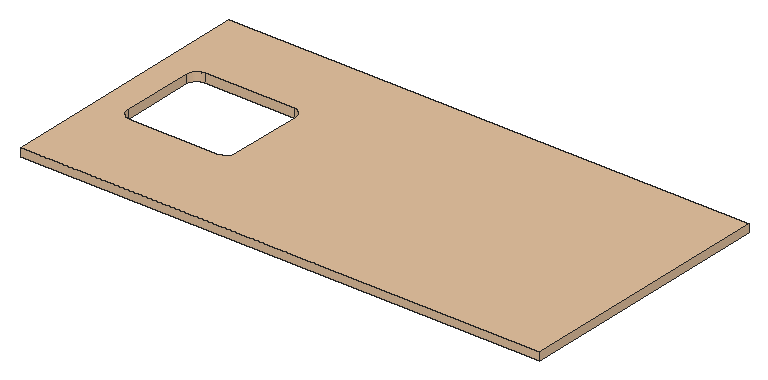
Revit family "M_Topo da bancada-Ilha com buraco de escoamento", category Componentes de gabinete, Revit 2019
Family settings
  Número OmniClass = 23.40.35.17.47.11
  Título OmniClass = Kitchen Casework
  ID de item do Seek = Counter Top-Island w Sink Hole-0000-CAN-ENU
  Com base no plano de trabalho = Não
  Sempre na vertical = Sim
  Corte com vazios quando carregada = Não
  Compartilhado = Sim
  Ponto de cálculo do ambiente = Não
Parameters (values of type "Profundidade 1200 mm")
  Espessura da bancada = 40 mm
  Material do topo da bancada = none
  Depth [instance] = 1250 mm
  Altura = 900 mm
  Comprimento [instance] = 2500 mm
  Localização da pia [instance] = 400 mm
  Localização da pia em relação a aresta = 600 mm
  Profundidade de abertura da pia [instance] = 454 mm
  Largura da abertura da pia [instance] = 528 mm
Reference planes
  plane 1 "Parte posterior": y = 0
  plane 2: z = 0
  plane 3 "Esquerda": x = -1200.462
  plane 4 "Direita": x = 1299.538
  plane 5 "Parte frontal": y = -1224.6
  plane 6 "Superior": z = 900
  plane 7 "Topo do armário": z = 860
  plane 8: x = -800.462
  plane 9: y = -347.6
  plane 10: x = -536.462
  plane 11: y = -801.6
  plane 12: x = -1064.462
  plane 13: y = 25.4
  plane 14: y = -1199.2
  plane 15: y = -574.6
Forms (mm)
  Extrusion 1, solid, material <- "Material do topo da bancada"
    sketch origin (0, 0, 0) x (1, 0, 0) y (0, 1, 0)
      loop
        line (-1200.462, 25.4) -> (-1200.462, -1224.6) -> (1299.538, -1224.6) -> (1299.538, 25.4) -> (-1200.462, 25.4)
    from 860 to 900
  Extrusion 2, void
    sketch origin (0, 0, 0) x (1, 0, 0) y (0, 1, 0)
      loop
        arc (-1013.662, -347.6) -> (-1049.583, -362.479) -> (-1064.462, -398.4) r 50.8
        line (-1064.462, -398.4) -> (-1064.462, -750.8)
        arc (-1064.462, -750.8) -> (-1049.583, -786.721) -> (-1013.662, -801.6) r 50.8
        line (-1013.662, -801.6) -> (-587.262, -801.6)
        arc (-587.262, -801.6) -> (-551.341, -786.721) -> (-536.462, -750.8) r 50.8
        line (-536.462, -750.8) -> (-536.462, -398.4)
        arc (-536.462, -398.4) -> (-551.341, -362.479) -> (-587.262, -347.6) r 50.8
        line (-587.262, -347.6) -> (-1013.662, -347.6)
    from 860 to 900
Cuts and joins
  Extrusion 2 cuts Extrusion 1
Lines and regions (mm)
  Masking region 1
    outline origin (0, 0, 860) x (0, -1, 0) y (1, 0, 0)
      loop
        line (-25.4, -1200.462) -> (1224.6, -1200.462) -> (1224.6, 1299.538) -> (-25.4, 1299.538) -> (-25.4, -1200.462)
  symbolic lines, style "Abertura da pia"
    curve 1: line (-1013.662, -347.6, 860) -> (-587.262, -347.6, 860)
    curve 2: line (-1064.462, -750.8, 860) -> (-1064.462, -398.4, 860)
    curve 3: line (-587.262, -801.6, 860) -> (-1013.662, -801.6, 860)
    curve 4: line (-536.462, -398.4, 860) -> (-536.462, -750.8, 860)
    curve 5: arc (-1064.462, -398.4, 860) -> (-1049.583, -362.479, 860) -> (-1013.662, -347.6, 860) r 50.8
    curve 6: arc (-587.262, -347.6, 860) -> (-551.341, -362.479, 860) -> (-536.462, -398.4, 860) r 50.8
    curve 7: arc (-536.462, -750.8, 860) -> (-551.341, -786.721, 860) -> (-587.262, -801.6, 860) r 50.8
    curve 8: arc (-1013.662, -801.6, 860) -> (-1049.583, -786.721, 860) -> (-1064.462, -750.8, 860) r 50.8
Dimensions and locks
  "Comprimento": plane 3 "Esquerda" to plane 4 "Direita"
  "Altura": level to plane 6 "Superior"
  "Espessura da bancada": plane 7 "Topo do armário" to plane 6 "Superior"
  "Largura da abertura da pia": plane 12 to plane 10
  "Profundidade de abertura da pia": plane 11 to plane 9
  "Localização da pia": plane 3 "Esquerda" to plane 8
  equal spacing: plane 12, plane 8, plane 10
  "Depth": plane 5 "Parte frontal" to plane 13
  locked: plane 1 "Parte posterior" to plane 13 at 25.4
  locked: plane 5 "Parte frontal" to plane 14 at 25.4
  "Localização da pia em relação a aresta": plane 15 to plane 13
  equal spacing: plane 11, plane 15, plane 9
  aligned and locked: plane 4 "Direita" to Extrusion 1 sketch curve
  aligned and locked: Extrusion 1 sketch curve to plane 3 "Esquerda"
  aligned and locked: Extrusion 1 to plane 6 "Superior"
  aligned and locked: plane 7 "Topo do armário" to Extrusion 1
  aligned and locked: plane 9 to Extrusion 2 sketch curve
  aligned and locked: plane 10 to Extrusion 2 sketch curve
  aligned and locked: Extrusion 2 sketch curve to plane 12
  aligned and locked: Extrusion 2 sketch curve to plane 11
  aligned and locked: Extrusion 2 to plane 6 "Superior"
  aligned and locked: Extrusion 1 to Extrusion 2
  aligned and locked: plane 13 to Extrusion 1 sketch curve
  aligned and locked: Extrusion 1 sketch curve to plane 5 "Parte frontal"
  aligned and locked: plane 13 to Masking region 1 sketch curve
  aligned and locked: plane 4 "Direita" to Masking region 1 sketch curve
  aligned and locked: Masking region 1 sketch curve to plane 5 "Parte frontal"
  aligned and locked: Masking region 1 sketch curve to plane 3 "Esquerda"
Automatic sketch dimensions
  Extrusion 2 sketch curve to plane 12 = 50.8 mm
  Extrusion 2 sketch curve to Extrusion 2 sketch curve = 50.8 mm  (x2)
  plane 10 to Extrusion 2 sketch curve = 50.8 mm
  curve 6 to plane 9 = 0 mm
  curve 4 to plane 10 = 0 mm
  curve 2 to plane 12 = 0 mm
  curve 7 to plane 11 = 0 mm
  plane 9 to curve 5 = 50.8 mm
  curve 1 to curve 6 = 50.8 mm
  curve 8 to plane 11 = 50.8 mm
  plane 10 to curve 7 = 50.8 mm
